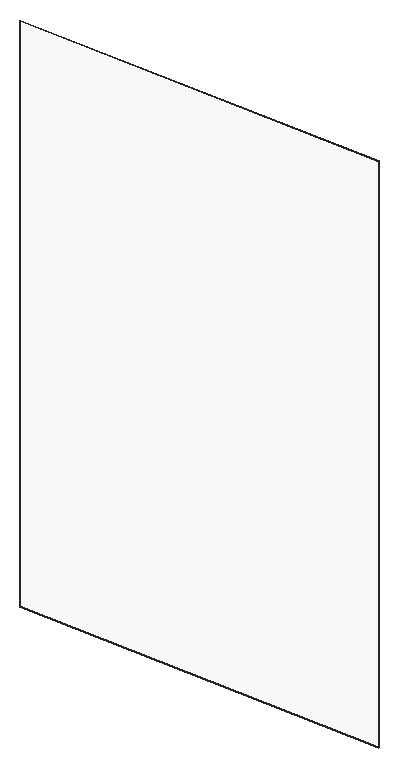
Revit family "Building-Materials_Glass-Glazing_Vitro-Architectural-Glass_Graylite-II-Monolithic-Glass", category Curtain Panels, Revit 2026
Family settings
  Classification Number = 23.25.20.14.11.11.17
  Always vertical = Yes
  Cut with Voids When Loaded = No
  Shared = No
Parameters (values of type "Graylite II Monolithic")
  Visual Light Transmittance = 0.09  # constant formula
  UV Light Transmittance = 0.02
  URL = "https://www.vitroglazings.com/"
  U-Value Argon (Winter Night) = 0.0000 BTU/(h·ft²·°F)
  U-Value Argon (Summer Day) = 0.0000 BTU/(h·ft²·°F)
  U-Value Air (Winter Night) = 1.0200 BTU/(h·ft²·°F)
  U-Value Air (Summer Day) = 0.9200 BTU/(h·ft²·°F)
  Thickness = 0' - 0 1/4"
  Thermal Resistance (R) = 8.3333 (h·ft²·°F)/BTU  # constant formula
  Solar Light Transmittance = 0.08
  Solar Heat Gain Coefficient = 0.36  # constant formula
  Shadow Coefficient = 0.42
  Reflectance (Visible Interior) = 5
  Reflectance (Visible Exterior) = 4
  Product data url = "https://www.bimobject.com/vitroarchictecturalglass/product/graylite-ii-glass"
  Product Page URL = "https://www.vitroglazings.com/products/performance-tinted-glass/gray-bronze-tinted-glass/graylite-ii-glass/"
  Product Guid = "6d1ebaec-7f7e-4029-b841-db9f083e3272"
  Model = "Graylite II Monolithic"
  Manufacturer = "Vitro Architectural Glass "  # constant formula
  Light to Solar Gain = 0.25
  Keynote = "08900"
  ISO Damage Weighted Transmittance = 0.075
  Heat Transfer Coefficient (U) = 0.2900 BTU/(h·ft²·°F)  # constant formula
  Glass Material = Vitro Architectural-Glass - Graylite II
  Finish = "Glass"
  Description = "With its bold, almost‑black look, Graylite® II glass is the solution for applications requiring reduced solar heat gain and a specific aesthetic objective. Graylite® II glass combines superior heat-load reduction and solar control with a distinctive color contrast. Its shading coefficient is among the lowest of any uncoated glass. Its low visible light transmittance (VLT) makes it ideal for glare control and privacy glazing."  # constant formula
  Define Thermal Properties by = Schematic Type
  Assembly Code = "B2020220"
  Analytic Construction = "Large single-glazed windows"
Reference planes (in)
  plane 1 "Front": y = 0
  plane 2: z = 0
  plane 3 "Center (Left/Right)": x = 0
  plane 4 "Left": x = -32.75106
  plane 5 "Right": x = 32.75106
  plane 6 "Top": z = 96
  plane 7: y = 0.125
  plane 8: y = -0.125
Forms (in)
  Extrusion 1, solid, material "Vitro Architectural-Glass - Graylite II" <- "Glass Material"
    sketch origin (0, 0.5, 0) x (1, 0, 0) y (0, 1, 0)
      loop
        line (-32.75106, -0.375) -> (-32.75106, -0.625) -> (32.75106, -0.625) -> (32.75106, -0.375) -> (-32.75106, -0.375)
    from 0 to 96
Text (in)
  text "Exterior" at (-54.29358, 31.38743, 0), in view "Ref. Level"
  text "Exterior" at (480, 41.53993, 89.60405), in view "Right"
  text "Exterior" at (-240, 57.82419, 105.78864), in view "Left"
Dimensions and locks (in)
  equal spacing: plane 4 "Left", plane 3 "Center (Left/Right)", plane 5 "Right"
  plane 7 to Extrusion 1 sketch curve = 0' - 0"
  equal spacing: plane 7, plane 1 "Front", plane 8
  "Thickness": plane 7 to plane 8
  aligned and locked: level to plane 2
  aligned and locked: Extrusion 1 sketch curve to plane 4 "Left"
  aligned and locked: plane 5 "Right" to Extrusion 1 sketch curve
  aligned and locked: Extrusion 1 to plane 6 "Top"
  aligned and locked: Extrusion 1 to level
  aligned and locked: plane 7 to Extrusion 1
  aligned and locked: Extrusion 1 to plane 8
Automatic sketch dimensions
  Extrusion 1 sketch curve to plane 7 = 0' - 0 1/4"
